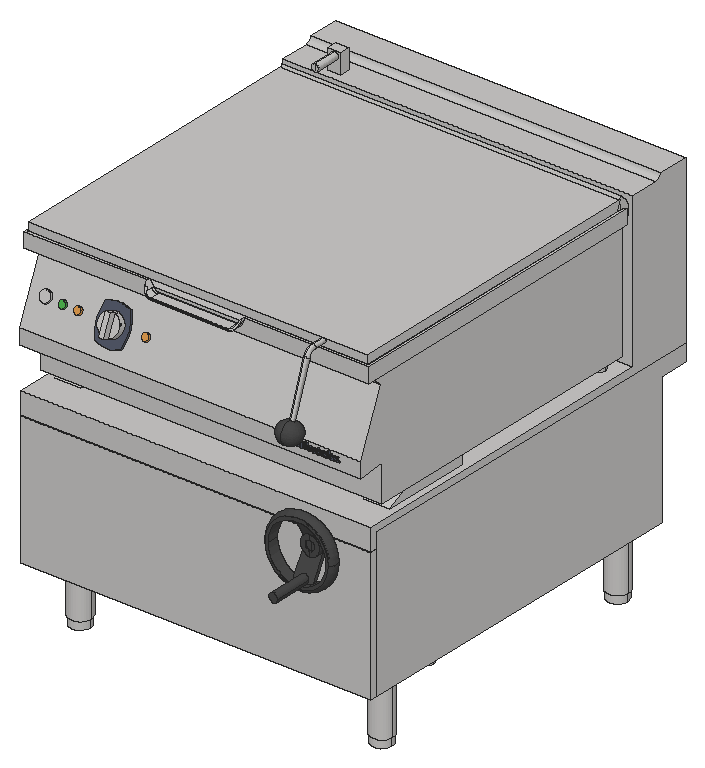
Revit family "QF_ELECTROLUXPROFESSIONAL_391136_E9BRGHDOF0", category Specialty Equipment, Revit 2018
Family settings
  Round Connector Dimension = Use Diameter
  Part Type = Normal
  Work Plane-Based = No
  Always vertical = Yes
  Cut with Voids When Loaded = No
  Shared = No
  Room Calculation Point = No
Parameters
  Width = 800 mm  # constant formula
  Weight in Pounds = 150  # constant formula
  Watts = 250 VA  # 250 W
  Volts = 230 V  # constant formula
  URL Cutsheet = "www.electrolux.com"
  URL = "www.electrolux.com"
  Type Mark [instance] = ""
  Status [instance] = ""
  Specification by User [instance] = ""
  Specification by Manufacturer = ""
  Show Logo [instance] = yes
  Show Clearance [instance] = yes
  Serial Number = ""
  Seismic Rating = ""
  SMACNA No = ""
  Revision Code [instance] = ""
  Plumbing Remarks [instance] = ""
  Plumbing Connection Type [instance] = ""
  Phase = 1
  Omniclass Number and Title = ""
  Number of Poles [instance] = 1
  NAFEM Spec ID Number = ""
  Model = "391136"
  Min Ckt Ampacity = 0 A
  Mechanical Remarks [instance] = ""
  Mechanical Connection Type [instance] = ""
  Max Overcurrent Protection = 0 A
  Masterspec = ""
  Manufacturer = "ELECTROLUX"
  Item Number [instance] = ""
  Installed By [instance] = ""
  Identify Quantity as Lot [instance] = yes
  Height = 850 mm  # constant formula
  HP = "0.1 HP"
  Gas Size = 12.7 mm  # 1/2"
  Gas RI Height [instance] = 0 mm
  Gas KW = 21  # constant formula
  Gas Input = 20980.7 VA  # 71589.0 Btu/h
  Gas Connection Height [instance] = 0 mm
  Furnished By [instance] = ""
  Foodservice Equipment Identifier [instance] = yes
  FL Amps = if(Phase = 3, Watts / (Volts * 1.73), Watts / Volts)  # 1.08696 A
  Electrical Remarks [instance] = "230 V/1N ph/50/60 Hz"  # constant formula
  Electric Connection Type [instance] = ""
  Elec Conn RI Height [instance] = 0 mm
  Elec Conn Connection Height [instance] = 0 mm
  Direct Waste Size = 0"
  Description = "900XP GAS BRATT PAN – 80 LITER WITH DUOMAT BOTTOM"
  Depth = 915 mm  # constant formula
  Cycle [instance] = if([60 Hertz Option], 60 Hz, 50 Hz)  # 60 Hz
  Conn Plug = ""
  Conn Conduit = yes
  Cold Water Temperature Recommended [instance] = -459.67 °F
  Cold Water Size = 3/4"
  Cold Water RI Height [instance] = 0 mm
  Cold Water Minimum Pressure = 0.00 psi
  Cold Water Maximum Pressure = 0.00 psi
  Cold Water Flow [instance] = 0 GPM
  Cold Water Consumption = ""
  Cold Water Connection Height = 0 mm
  CSI MasterFormat = ""
  CSI Master Format = ""
  Assembly Code = ""
  Apparent Power = if(Phase = 3, Volts * FL Amps * 1.73, Volts * FL Amps)  # 250 VA
  60 Hertz Option [instance] = not([50 Hertz Option])  # yes
  50 Hertz Option [instance] = no
Reference planes
  plane 1 "BACK": y = 0
  plane 2: z = 0
  plane 3 "LEFT": x = 0
  plane 4 "RIGHT": x = 800
  plane 5 "FRONT": y = -915
  plane 6 "TOP": z = 898
  plane 7 "Center Y": x = 400
  plane 8 "Center X": y = -457.5
  plane 9 "Base": z = 149
  plane 10: z = 502.193
  plane 11: z = 1653
  plane 12: y = -125
  plane 13: y = -799
  plane 14: y = -1034
  plane 15: x = 55
  plane 16: y = -160.853
  plane 17: x = 745
  plane 18: y = -1014
  plane 19: y = -899.182
  plane 20: x = 786
  plane 21: z = 850
  plane 22 "Connection": z = 182
  plane 23: y = -706
  plane 24: x = 265
  plane 25: x = 105
  plane 26: x = 195
Forms (mm)
  Revolve 1, solid, material "QF_Finishes_Stainless Steel"
    sketch origin (0, -125, 0) x (1, 0, 0) y (0, 0, 1)
      loop
        line (55, 0) -> (55, 149) -> (29.6, 149) -> (29.6, 19.05) -> (32.1, 19.05) -> (32.1, 0) -> (55, 0)
      axis (55, 0) -> (55, 149)
    angle from 0 to 360
  Revolve 2, solid, material "QF_Finishes_Stainless Steel"
    sketch origin (0, -799, 0) x (1, 0, 0) y (0, 0, 1)
      loop
        line (55, 0) -> (55, 149) -> (29.6, 149) -> (29.6, 19.05) -> (32.1, 19.05) -> (32.1, 0) -> (55, 0)
      axis (55, 0) -> (55, 149)
    angle from 0 to 360
  Extrusion 3, solid, material "QF_Finishes_Stainless Steel"
    sketch origin (0, -214.682, 0) x (0, 1, 0) y (0, 0, 1)
      loop
        line (214.682, 487.193) -> (214.682, 866.248) -> (143.055, 866.248)
        arc (143.055, 866.248) -> (139.432, 857.502) -> (130.686, 853.88) r 12.368
        line (130.686, 853.88) -> (64.682, 853.88) -> (64.682, 502.193) -> (-684.5, 502.193) -> (-684.5, 452.193) -> (-669.5, 452.193) -> (-669.5, 487.193) -> (214.682, 487.193)
      loop
        line (-669.5, 149) -> (-669.5, 451.193) -> (-684.5, 451.193) -> (-684.5, 149) -> (-669.5, 149)
    from 0 to 800
  Extrusion 4, solid, material "QF_Finishes_Stainless Steel"
    sketch origin (0, -214.682, 0) x (0, 1, 0) y (0, 0, 1)
      loop
        line (44.029, 528.406) -> (44.029, 817.127) -> (-678.5, 817.127) -> (-678.5, 809.681) -> (-643.264, 774.446) -> (-700.318, 641.094) -> (-700.318, 606.094) -> (-640.765, 613.406) -> (-640.765, 528.406) -> (44.029, 528.406)
    from 10 to 790
  Sweep 5, solid, material "QF_Finishes_Stainless Steel"
    path origin (0, -204.882, 145) x (-1, 0, 0) y (0, -1, 0)
      loop
        line (-290, 694.3) -> (-5, 694.3) -> (-5, -44.029) -> (-795, -44.029) -> (-795, 694.3) -> (-510, 694.3)
    profile origin (652.5, -899.182, 145) x (0, -1, 0) y (0, 0, 1)
      loop
        line (-5, 651.359) -> (0, 651.359) -> (0, 685.301) -> (-6, 685.301) -> (-6, 681.062) -> (-5, 681.062) -> (-5, 651.359)
  Extrusion 6, solid, material "QF_Finishes_Stainless Steel"
    sketch origin (0, -214.682, -5) x (0, 1, 0) y (0, 0, 1)
      loop
        line (33.715, 835.301) -> (42.572, 855) -> (-677.138, 855) -> (-677.138, 835.301) -> (33.715, 835.301)
      loop
        arc (64.305, 837.022) -> (57.071, 850.749) -> (45.92, 861.539) r 49.182
        line (45.92, 861.539) -> (39.069, 846.301) -> (45.904, 846.301) -> (45.904, 832.604) -> (64.305, 814.204) -> (64.305, 837.022)
    from 12.363 to 787.637
  Extrusion 7, solid, material "QF_Finishes_Stainless Steel"
    sketch origin (0, -214.682, 0) x (0, 1, 0) y (0, 0, 1)
      loop
        line (-403.818, 528.406) -> (-556.057, 528.406) -> (-609.801, 502.193) -> (-403.818, 502.193) -> (-403.818, 528.406)
    from 16.63 to 76.513
  Extrusion 8, solid, material "QF_Finishes_Stainless Steel"
    sketch origin (0, -207.182, 150) x (-1, 0, 0) y (0, -1, 0)
      loop
        circle (-46.571, -17.496) r 15
      loop
        circle (-753.429, -17.496) r 15
    from 352.193 to 383.406
  Extrusion 9, solid, material "QF_Finishes_Stainless Steel"
    sketch origin (0, -64.682, 0) x (0, 1, 0) y (0, 0, 1)
      loop
        line (-43.387, 853.88) -> (-43.387, 898) -> (-67.444, 898) -> (-67.444, 853.88) -> (-43.387, 853.88)
    from 87.469 to 116.843
  Revolve 10, solid, material "QF_Finishes_Stainless Steel"
    sketch origin (103.25, -64.682, 0) x (0, 1, 0) y (0, 0, 1)
      loop
        line (-67.444, 888.097) -> (-67.444, 896.222) -> (-123.629, 896.222) -> (-123.629, 888.097) -> (-67.444, 888.097)
      axis (-123.629, 888.097) -> (-67.444, 888.097)
    angle from 0 to 360
  Extrusion 11, solid, material "QF_Clearances", visible <- "Show Clearance", detail levels coarse
    sketch origin (0, -214.682, 0) x (1, 0, 0) y (0, 1, 0)
      loop
        line (800, 214.682) -> (800, -700.318) -> (850, -700.318) -> (850, 264.682) -> (-50, 264.682) -> (-50, -700.318) -> (0, -700.318) -> (0, 214.682) -> (800, 214.682)
    from 0 to 898
  Extrusion 12, solid, material "QF_Finishes_Stainless Steel"
    sketch origin (800, 0, 0) x (0, 1, 0) y (0, 0, 1)
      loop
        line (-884.182, 149) -> (-69, 149) -> (-69, 448) -> (0, 448) -> (0, 487.193) -> (-884.182, 487.193) -> (-884.182, 149)
    from 0 to -800
  Revolve 13, solid, material "QF_Finishes_Stainless Steel"
    sketch origin (1000, -125, 0) x (-1, 0, 0) y (0, 0, -1)
      loop
        line (255, 0) -> (232.1, 0) -> (232.1, -19.05) -> (229.6, -19.05) -> (229.6, -149) -> (255, -149) -> (255, 0)
      axis (255, 0) -> (255, -149)
    angle from 0 to 360
  Revolve 14, solid, material "QF_Finishes_Stainless Steel"
    sketch origin (1000, -799, 0) x (-1, 0, 0) y (0, 0, -1)
      loop
        line (255, 0) -> (232.1, 0) -> (232.1, -19.05) -> (229.6, -19.05) -> (229.6, -149) -> (255, -149) -> (255, 0)
      axis (255, 0) -> (255, -149)
    angle from 0 to 360
  Sweep 15, solid, material "QF_Finishes_Stainless Steel"
    path origin (8.84, -214.682, -10) x (0, 1, 0) y (0, 0, 1)
      loop
        line (-677.138, 852.831) -> (-705.492, 852.831)
        arc (-705.492, 852.831) -> (-716.963, 849.214) -> (-724.286, 839.672) r 20
        line (-724.286, 839.672) -> (-765.322, 726.924)
    profile origin (8.84, -905.997, 842.831) x (0, 0, -1) y (1, 0, 0)
      loop
        circle (0, 676.16) r 5
  Revolve 16, solid, material "QF_Finishes_Black"
    sketch origin (685, -194.682, 0) x (0, 1, 0) y (0, 0, 1)
      loop
        line (-785.322, 716.924) -> (-792.738, 719.623)
        arc (-792.738, 719.623) -> (-818.978, 701.075) -> (-800.713, 674.638) r 22.845
        line (-800.713, 674.638) -> (-785.322, 716.924)
      axis (-785.322, 716.924) -> (-800.713, 674.638)
    angle from 0 to 360
  Extrusion 17, solid, material "QF_Finishes_Stainless Steel"
    sketch origin (800, -69, 149) x (-1, 0, 0) y (0, 1, 0)
      loop
        circle (14, -649.182) r 12.7
    from 0 to 5
  Extrusion 18, solid, material "QF_Finishes_Stainless Steel"
    sketch origin (-3.75, -899.182, 149) x (0, 0, 1) y (-1, 0, 0)
      loop
        circle (289.443, -688.75) r 30
    from 0 to 5
  Extrusion 19, solid, material "QF_Finishes_Stainless Steel"
    sketch origin (800, -214.682, 0) x (0, 1, 0) y (0, 0, -1)
      loop
        line (-403.818, -528.406) -> (-403.818, -502.193) -> (-609.801, -502.193) -> (-556.057, -528.406) -> (-403.818, -528.406)
    from 16.63 to 76.513
  Extrusion 20, solid, material "QF_Finishes_Stainless Steel"
    sketch origin (0, 0, 182) x (-1, 0, 0) y (0, -1, 0)
      loop
        circle (-105, 706) r 6.35
    from 0 to 45
  Extrusion 21, solid, material "QF_Finishes_Stainless Steel"
    sketch origin (21.213, 21.213, 182) x (-1, 0, 0) y (0, -1, 0)
      loop
        circle (-173.787, 719.213) r 6.35
    from 0 to 45
  Extrusion 22, solid, material "QF_Finishes_Stainless Steel"
    sketch origin (130, 0, 182) x (-1, 0, 0) y (0, -1, 0)
      loop
        circle (-135, 706) r 6.35
    from 0 to 45
  Revolve 23, solid, material "QF_Finishes_Black"
    sketch origin (685, -200.682, -28.57) x (0, 1, 0) y (0, 0, 1)
      loop
        line (-698.5, 467.193) -> (-698.5, 477.193) -> (-713.5, 477.193) -> (-713.5, 482.193) -> (-718.5, 482.193) -> (-718.5, 489.514) -> (-728.5, 489.514) -> (-728.5, 478.353) -> (-727.138, 478.353) -> (-727.138, 467.193) -> (-698.5, 467.193)
      axis (-698.5, 467.193) -> (-728.5, 467.193)
    angle from 0 to 360
  Sweep 24, solid, material "QF_Finishes_Black"
    path origin (10, -200.682, -28.57) x (1, 0, 0) y (0, 0, 1)
      loop
        circle (675, 467.193) r 80
    profile origin (685, -200.682, 518.623) x (0, 0, -1) y (0, -1, 0)
      loop
        arc (7.394, 765.784) -> (0.586, 756.102) -> (1.641, 744.313) r 17.21
        line (1.641, 744.313) -> (7.394, 740.784) -> (14.116, 740.784) -> (14.116, 765.784) -> (7.394, 765.784)
  Extrusion 25, solid, material "QF_Finishes_Black"
    sketch origin (10, -200.682, -28.57) x (0, 1, 0) y (0, 0, 1)
      loop
        line (-713.5, 457.193) -> (-713.5, 477.193) -> (-744.313, 533.065) -> (-751.622, 533.065) -> (-719.104, 474.103) -> (-719.104, 460.284) -> (-751.622, 401.321) -> (-744.313, 401.321) -> (-713.5, 457.193)
    from 654.029 to 698.392
  Extrusion 26, solid, material "QF_Finishes_Black"
    sketch origin (10, -200.682, -28.57) x (1, 0, 0) y (0, 0, 1)
      loop
        circle (675, 406.31) r 10
    from 742.86 to 833.318
  Extrusion 27, solid, material "QF_Finishes_Stainless Steel"
    sketch origin (0, -201.682, -15.905) x (1, 0, 0) y (0, 0, 1)
      loop
        line (509.996, 839.805) -> (509.996, 846.205) -> (502.677, 833.527)
        arc (502.677, 833.527) -> (496.674, 827.524) -> (488.474, 825.327) r 16.4
        line (488.474, 825.327) -> (311.526, 825.327)
        arc (311.526, 825.327) -> (303.32, 827.526) -> (297.312, 833.534) r 16.413
        line (297.312, 833.534) -> (289.996, 846.205) -> (289.996, 839.805) -> (294.541, 831.934)
        arc (294.541, 831.934) -> (301.72, 824.755) -> (311.526, 822.127) r 19.613
        line (311.526, 822.127) -> (488.474, 822.127)
        arc (488.474, 822.127) -> (498.274, 824.753) -> (505.448, 831.927) r 19.6
        line (505.448, 831.927) -> (509.996, 839.805)
    from 697.5 to 717.595
  Extrusion 28, void
    sketch origin (900, 188.397, 1219.2) x (0, -1, 0) y (0, 0, 1)
      loop
        line (1110.167, -415.736) -> (1110.167, -387.945) -> (1093.05, -387.945) -> (1110.167, -415.736)
    from 390 to 610
  Extrusion 29, solid, material "QF_Finishes_Navy Blue"
    sketch origin (-55.546, -1052.067, 320.727) x (0, 0.393353, 0.919387) y (-1, 0, 0)
      loop
        arc (453.989, -230.321) -> (416.907, -221.34) -> (379.375, -228.202) r 91.844
        arc (379.375, -228.202) -> (372.249, -258.844) -> (379.375, -289.487) r 69.441
        arc (379.375, -289.487) -> (416.897, -296.198) -> (453.989, -287.419) r 93.759
        arc (453.989, -287.419) -> (460.218, -258.87) -> (453.989, -230.321) r 68.543
    from 0 to 3.175
  Extrusion 30, solid, material "QF_Finishes_Orange"
    sketch origin (9.372, -901.482, 672.689) x (0, 0.393353, 0.919387) y (-1, 0, 0)
      loop
        circle (34.513, -113.251) r 8
    from 0 to 3.175
  Extrusion 31, solid, material "QF_Finishes_Green"
    sketch origin (14.068, -901.51, 672.624) x (0, 0.393353, 0.919387) y (-1, 0, 0)
      loop
        circle (34.513, -73.251) r 8
    from 0 to 3.175
  Extrusion 32, solid, material "QF_Finishes_Stainless Steel"
    sketch origin (-159.296, -918.156, 641.79) x (0, 0.393353, 0.919387) y (-1, 0, 0)
      loop
        circle (68.826, -362.213) r 25.4
    from 0 to 12.7
  Extrusion 33, solid, material "QF_Finishes_Stainless Steel"
    sketch origin (-159.296, -929.832, 646.786) x (0, 0.393353, 0.919387) y (-1, 0, 0)
      loop
        arc (93.558, -367.999) -> (94.226, -362.213) -> (93.558, -356.427) r 25.4
        line (93.558, -356.427) -> (44.094, -356.427)
        arc (44.094, -356.427) -> (43.426, -362.213) -> (44.094, -367.999) r 25.4
        line (44.094, -367.999) -> (93.558, -367.999)
    from 0 to 12.7
  Extrusion 34, solid, material "QF_Finishes_Stainless Steel"
    sketch origin (10.937, -915, 641.094) x (0, 0.393353, 0.919387) y (-1, 0, 0)
      loop
        circle (71.473, -36.635) r 12.7
    from 0 to 3.2
  Extrusion 35, solid, material "QF_Finishes_Orange"
    sketch origin (164.372, -901.482, 672.689) x (0, 0.393353, 0.919387) y (-1, 0, 0)
      loop
        circle (34.513, -113.251) r 8
    from 0 to 3.175
  Extrusion 36, solid, material "QF_Clearances", visible <- "Show Clearance", detail levels coarse
    sketch origin (0, -996.643, 709.193) x (0, 0.238373, -0.971174) y (0, 0.971174, 0.238373)
      loop
        line (33.715, 835.301) -> (42.572, 855) -> (-677.138, 855) -> (-677.138, 835.301) -> (33.715, 835.301)
      loop
        arc (64.305, 837.022) -> (57.071, 850.749) -> (45.92, 861.539) r 49.182
        line (45.92, 861.539) -> (39.069, 846.301) -> (45.904, 846.301) -> (45.904, 832.604) -> (64.305, 814.204) -> (64.305, 837.022)
    from 12.363 to 787.637
  Sweep 37, solid, material "QF_Clearances", visible <- "Show Clearance", detail levels coarse
    path origin (8.84, -1001.499, 708.002) x (0, 0.238373, -0.971174) y (0, 0.971174, 0.238373)
      loop
        line (-677.138, 852.831) -> (-705.492, 852.831)
        arc (-705.492, 852.831) -> (-716.963, 849.214) -> (-724.286, 839.672) r 20
        line (-724.286, 839.672) -> (-765.322, 726.924)
    profile origin (8.84, -338.043, 1582.68) x (0, -0.971174, -0.238373) y (1, 0, 0)
      loop
        circle (0, 676.16) r 5
  Revolve 38, solid, material "QF_Clearances", visible <- "Show Clearance", detail levels coarse
    sketch origin (685, -987.02, 690.962) x (0, 0.238373, -0.971174) y (0, 0.971174, 0.238373)
      loop
        line (-785.322, 716.924) -> (-792.738, 719.623)
        arc (-792.738, 719.623) -> (-818.978, 701.075) -> (-800.713, 674.638) r 22.845
        line (-800.713, 674.638) -> (-785.322, 716.924)
      axis (-785.322, 716.924) -> (-800.713, 674.638)
    angle from 0 to 360
  Extrusion 39, solid, material "QF_Finishes_Navy Blue", visible <- "Show Logo"
    sketch origin (486.175, -915, 608.853) x (0, 0, 1) y (-1, 0, 0)
      loop
        line (27.359, -159.055) -> (14.993, -159.055)
        arc (14.993, -159.055) -> (21.176, -163.626) -> (27.359, -159.055) r 6.467
      loop
        arc (27.359, -158.426) -> (26.19, -153.283) -> (21.534, -150.805) r 6.338
        line (21.534, -150.805) -> (21.534, -152.851)
        arc (21.534, -152.851) -> (23.018, -156.506) -> (26.464, -158.426) r 5.941
        line (26.464, -158.426) -> (27.359, -158.426)
      loop
        arc (15.888, -158.426) -> (19.334, -156.506) -> (20.817, -152.851) r 5.941
        line (20.817, -152.851) -> (20.817, -150.805)
        arc (20.817, -150.805) -> (16.123, -153.279) -> (14.834, -158.426) r 6.504
        line (14.834, -158.426) -> (15.888, -158.426)
      loop
        line (28.034, -150.336) -> (14.29, -150.336) -> (14.29, -164.099) -> (28.034, -164.099) -> (28.034, -150.336)
      loop
        arc (28.118, -167.066) -> (27.77, -166.709) -> (27.403, -167.047) r 0.358
        arc (27.403, -167.047) -> (27.089, -167.797) -> (26.372, -168.182) r 1.216
        line (26.372, -168.182) -> (15.959, -168.182)
        arc (15.959, -168.182) -> (15.299, -167.904) -> (14.903, -167.308) r 1.238
        arc (14.903, -167.308) -> (14.509, -167.057) -> (14.203, -167.411) r 0.358
        line (14.203, -167.411) -> (14.203, -177.29) -> (16.954, -177.29) -> (16.954, -176.393)
        arc (16.954, -176.393) -> (16.045, -175.813) -> (15.589, -174.836) r 1.928
        line (15.589, -174.836) -> (15.589, -172.337)
        arc (15.589, -172.337) -> (15.865, -171.608) -> (16.553, -171.244) r 1.101
        line (16.553, -171.244) -> (20.64, -171.244) -> (20.64, -174.917)
        arc (20.64, -174.917) -> (20.287, -175.414) -> (19.722, -175.642) r 1.083
        arc (19.722, -175.642) -> (19.459, -175.948) -> (19.751, -176.226) r 0.292
        line (19.751, -176.226) -> (22.713, -176.226)
        arc (22.713, -176.226) -> (23.016, -175.953) -> (22.777, -175.623) r 0.305
        arc (22.777, -175.623) -> (22.286, -175.375) -> (21.981, -174.917) r 1.083
        line (21.981, -174.917) -> (21.981, -171.244) -> (26.659, -171.244) -> (26.659, -174.991)
        arc (26.659, -174.991) -> (26.444, -175.747) -> (25.838, -176.245) r 1.314
        arc (25.838, -176.245) -> (25.619, -176.649) -> (25.973, -176.941) r 0.361
        line (25.973, -176.941) -> (28.118, -176.941) -> (28.118, -167.066)
      loop
        arc (27.4, -177.722) -> (27.02, -178.641) -> (26.101, -179.021) r 1.299
        line (26.101, -179.021) -> (16.522, -179.021)
        arc (16.522, -179.021) -> (15.684, -178.643) -> (15.413, -177.765) r 1.118
        line (15.413, -177.765) -> (14.203, -177.765) -> (14.203, -183.115) -> (15.391, -183.115)
        arc (15.391, -183.115) -> (15.663, -182.198) -> (16.533, -181.802) r 1.153
        line (16.533, -181.802) -> (28.605, -181.802) -> (27.4, -177.722)
      loop
        line (19.168, -185.751) -> (19.168, -192.198) -> (19.967, -192.198)
        arc (19.967, -192.198) -> (22.547, -191.214) -> (23.816, -188.76) r 3.874
        line (23.816, -188.76) -> (23.816, -187)
        arc (23.816, -187) -> (22.629, -184.135) -> (19.765, -182.949) r 4.051
        line (19.765, -182.949) -> (17.757, -182.949)
        arc (17.757, -182.949) -> (14.938, -184.434) -> (13.887, -187.441) r 4.352
        arc (13.887, -187.441) -> (14.251, -189.904) -> (15.629, -191.978) r 5.713
        line (15.629, -191.978) -> (16.578, -191.978)
        arc (16.578, -191.978) -> (15.845, -190.409) -> (15.629, -188.691) r 5.579
        arc (15.629, -188.691) -> (16.422, -186.728) -> (18.301, -185.751) r 3.057
        line (18.301, -185.751) -> (19.168, -185.751)
      loop
        line (20.427, -185.751) -> (20.427, -189.333)
        arc (20.427, -189.333) -> (21.884, -189.38) -> (22.767, -188.221) r 1.59
        line (22.767, -188.221) -> (22.767, -187.391)
        arc (22.767, -187.391) -> (21.902, -186.136) -> (20.427, -185.751) r 2.184
      loop
        arc (23.218, -201.616) -> (23.707, -199.942) -> (23.864, -198.205) r 9.023
        line (23.864, -198.205) -> (23.864, -196.843)
        arc (23.864, -196.843) -> (22.705, -194.043) -> (19.905, -192.883) r 3.959
        line (19.905, -192.883) -> (17.305, -192.883)
        arc (17.305, -192.883) -> (15.023, -194.176) -> (13.906, -196.549) r 4.331
        line (13.906, -196.549) -> (13.906, -198.684)
        arc (13.906, -198.684) -> (14.414, -200.234) -> (15.336, -201.58) r 5.772
        arc (15.336, -201.58) -> (16.098, -201.631) -> (16.184, -200.872) r 0.553
        arc (16.184, -200.872) -> (15.796, -200.138) -> (15.662, -199.319) r 2.573
        line (15.662, -199.319) -> (15.662, -197.804)
        arc (15.662, -197.804) -> (16.668, -196.162) -> (18.483, -195.52) r 2.884
        line (18.483, -195.52) -> (19.762, -195.52)
        arc (19.762, -195.52) -> (21.583, -196.08) -> (22.509, -197.745) r 2.554
        line (22.509, -197.745) -> (22.509, -198.798)
        arc (22.509, -198.798) -> (22.178, -199.726) -> (21.521, -200.461) r 2.564
        arc (21.521, -200.461) -> (21.299, -201.178) -> (21.909, -201.616) r 0.643
        line (21.909, -201.616) -> (23.218, -201.616)
      loop
        line (22.2, -201.886) -> (22.2, -203.387) -> (16.152, -203.387)
        arc (16.152, -203.387) -> (14.564, -204.045) -> (13.906, -205.633) r 2.246
        line (13.906, -205.633) -> (13.906, -207.217)
        arc (13.906, -207.217) -> (14.22, -208.081) -> (14.72, -208.853) r 4.06
        arc (14.72, -208.853) -> (15.453, -208.986) -> (15.704, -208.285) r 0.576
        arc (15.704, -208.285) -> (15.598, -207.759) -> (15.662, -207.227) r 1.69
        arc (15.662, -207.227) -> (16.204, -206.439) -> (17.11, -206.136) r 1.506
        line (17.11, -206.136) -> (22.248, -206.136) -> (22.248, -208.533) -> (22.805, -209.089) -> (23.626, -209.089) -> (23.626, -206.23) -> (26.857, -206.23) -> (22.2, -201.886)
      loop
        line (14.124, -209.987) -> (14.124, -215.374) -> (15.234, -215.374)
        arc (15.234, -215.374) -> (15.627, -214.423) -> (16.578, -214.029) r 1.345
        line (16.578, -214.029) -> (20.195, -214.029)
        arc (20.195, -214.029) -> (20.959, -214.621) -> (21.249, -215.543) r 1.615
        line (21.249, -215.543) -> (21.249, -217.099) -> (23.805, -217.784) -> (23.805, -216.401) -> (21.862, -213.842) -> (23.742, -213.842) -> (23.458, -211.136)
        arc (23.458, -211.136) -> (23.018, -210.606) -> (22.359, -210.807) r 0.621
        arc (22.359, -210.807) -> (21.959, -211.149) -> (21.465, -211.332) r 1.501
        line (21.465, -211.332) -> (16.578, -211.332)
        arc (16.578, -211.332) -> (15.627, -210.938) -> (15.234, -209.987) r 1.345
        line (15.234, -209.987) -> (14.124, -209.987)
      loop
        line (20.225, -217.321) -> (17.533, -217.321)
        arc (17.533, -217.321) -> (15.088, -218.629) -> (13.954, -221.159) r 4.288
        arc (13.954, -221.159) -> (13.89, -222.54) -> (13.954, -223.92) r 15.022
        arc (13.954, -223.92) -> (15.088, -226.451) -> (17.533, -227.758) r 4.288
        line (17.533, -227.758) -> (20.225, -227.758)
        arc (20.225, -227.758) -> (22.671, -226.451) -> (23.805, -223.92) r 4.288
        arc (23.805, -223.92) -> (23.868, -222.54) -> (23.805, -221.159) r 15.022
        arc (23.805, -221.159) -> (22.671, -218.629) -> (20.225, -217.321) r 4.288
      loop
        line (20.43, -220.435) -> (17.328, -220.435)
        arc (17.328, -220.435) -> (15.171, -222.592) -> (17.328, -224.749) r 2.157
        line (17.328, -224.749) -> (20.43, -224.749)
        arc (20.43, -224.749) -> (22.587, -222.592) -> (20.43, -220.435) r 2.157
      loop
        arc (27.411, -227.616) -> (27.041, -228.51) -> (26.147, -228.881) r 1.264
        line (26.147, -228.881) -> (16.282, -228.881)
        arc (16.282, -228.881) -> (15.412, -228.484) -> (15.141, -227.568) r 1.153
        line (15.141, -227.568) -> (14.203, -227.568) -> (14.203, -232.676) -> (15.131, -232.676)
        arc (15.131, -232.676) -> (15.49, -231.904) -> (16.282, -231.589) r 1.153
        line (16.282, -231.589) -> (28.605, -231.589) -> (27.411, -227.616)
      loop
        arc (22.531, -232.213) -> (22.332, -233.278) -> (21.363, -233.76) r 1.215
        line (21.363, -233.76) -> (16.343, -233.76)
        arc (16.343, -233.76) -> (14.728, -234.407) -> (14.008, -235.99) r 2.338
        line (14.008, -235.99) -> (14.008, -237.505)
        arc (14.008, -237.505) -> (14.182, -238.509) -> (14.684, -239.395) r 2.979
        line (14.684, -239.395) -> (14.203, -241.192) -> (14.203, -242.88) -> (23.629, -242.88) -> (23.335, -238.677) -> (22.548, -238.677)
        arc (22.548, -238.677) -> (22.192, -239.513) -> (21.44, -240.022) r 1.605
        line (21.44, -240.022) -> (16.337, -240.022)
        arc (16.337, -240.022) -> (15.917, -239.085) -> (15.844, -238.061) r 2.94
        arc (15.844, -238.061) -> (16.405, -236.96) -> (17.558, -236.517) r 1.724
        line (17.558, -236.517) -> (23.755, -236.517) -> (22.531, -232.213)
      loop
        line (23.559, -243.734) -> (21.887, -245.78) -> (18.713, -248.086) -> (15.257, -244.974)
        arc (15.257, -244.974) -> (15.02, -244.58) -> (15.042, -244.121) r 0.789
        line (15.042, -244.121) -> (14.203, -244.121) -> (14.203, -247.666) -> (15.029, -247.666)
        arc (15.029, -247.666) -> (15.372, -247.304) -> (15.862, -247.396) r 0.52
        line (15.862, -247.396) -> (17.661, -248.867) -> (15.543, -250.242)
        arc (15.543, -250.242) -> (15.142, -249.932) -> (15.055, -249.433) r 0.7
        line (15.055, -249.433) -> (14.203, -249.433) -> (14.203, -255.36) -> (15.09, -255.36)
        arc (15.09, -255.36) -> (15.157, -254.701) -> (15.552, -254.17) r 1.247
        line (15.552, -254.17) -> (19.751, -250.889) -> (22.198, -252.942) -> (23.559, -254.684) -> (23.559, -250.96) -> (22.074, -251.383) -> (20.553, -250.106) -> (22.253, -248.916) -> (23.559, -249.692) -> (23.559, -243.734)
    from 0 to 1.644
  Extrusion 40, solid, material "QF_Finishes_Stainless Steel"
    sketch origin (290, -899.182, 830.301) x (-1, 0, 0) y (0, 0, -1)
      loop
        line (0.004, 33.941) -> (-220, 33.941) -> (-220, -0.006) -> (-212.677, 12.678)
        arc (-212.677, 12.678) -> (-206.674, 18.681) -> (-198.474, 20.878) r 16.4
        line (-198.474, 20.878) -> (-21.526, 20.878)
        arc (-21.526, 20.878) -> (-13.32, 18.679) -> (-7.312, 12.672) r 16.413
        line (-7.312, 12.672) -> (0.004, 0) -> (0.004, 33.941)
    from 0 to -6
Cuts and joins
  Extrusion 28 cuts Extrusion 27
  joined: Sweep 5, Extrusion 27, Extrusion 40
Lines and regions (mm)
  symbolic lines
    curve 1: line (10, -915, 149) -> (197.131, -915, 149)
    curve 2: line (0, -899.182, 149) -> (280.622, -899.182, 149)
    curve 3: line (5, -160.853, 149) -> (5, -899.182, 149)
    curve 4: line (0, 0, 149) -> (0, -899.182, 149)
    curve 5: line (800, -899.182, 149) -> (800, 0, 149)
    curve 6: line (5, -160.853, 149) -> (95.125, -160.853, 149)
    curve 7: line (789, -171.653, 149) -> (111.375, -171.653, 149)
    curve 8: line (0, -71.628, 149) -> (800, -71.628, 149)
    curve 9: line (111.375, -160.853, 149) -> (795, -160.853, 149)
    curve 10: line (95.125, -172.111, 149) -> (12.363, -172.111, 149)
    curve 11: line (90.942, -172.111, 149) -> (90.942, -192.672, 149)
    curve 12: line (117.192, -171.653, 149) -> (117.192, -192.672, 149)
    curve 13: arc (90.942, -192.672, 149) -> (104.067, -205.797, 149) -> (117.192, -192.672, 149) r 13.125
    curve 14: line (504.543, -915, 149) -> (680, -915, 149)
    curve 15: line (12.363, -891.82, 149) -> (787.637, -891.82, 149)
    curve 16: line (0, 0, 149) -> (800, 0, 149)
    curve 20: line (680, -980.005, 149) -> (680, -891.82, 149)
    curve 21: line (690, -980.005, 149) -> (690, -891.82, 149)
    curve 22: spline (685, -987.42, 149) -> (686.603, -987.265, 149) -> (688.14, -986.808, 149) -> (689.545, -986.066, 149) -> (690.761, -985.072, 149) -> (691.737, -983.866, 149) -> (692.431, -982.499, 149) -> (692.815, -981.028, 149) -> (692.874, -979.515, 149) -> (692.604, -978.022, 149) -> (692.016, -976.611, 149) -> (691.136, -975.342, 149) -> (690, -974.268, 149)
    curve 23: spline (690, -980.005, 149) -> (689.957, -980.618, 149) -> (689.83, -981.221, 149) -> (689.619, -981.803, 149) -> (689.33, -982.354, 149) -> (688.967, -982.865, 149) -> (688.536, -983.327, 149) -> (688.044, -983.732, 149) -> (687.5, -984.074, 149) -> (686.913, -984.345, 149) -> (686.294, -984.543, 149) -> (685.653, -984.663, 149) -> (685, -984.703, 149)
    curve 24: spline (685, -984.703, 149) -> (684.347, -984.663, 149) -> (683.706, -984.543, 149) -> (683.087, -984.345, 149) -> (682.5, -984.074, 149) -> (681.956, -983.732, 149) -> (681.464, -983.327, 149) -> (681.033, -982.865, 149) -> (680.67, -982.354, 149) -> (680.381, -981.803, 149) -> (680.17, -981.221, 149) -> (680.043, -980.618, 149) -> (680, -980.005, 149)
    curve 25: spline (680, -974.268, 149) -> (678.864, -975.342, 149) -> (677.984, -976.611, 149) -> (677.396, -978.022, 149) -> (677.126, -979.515, 149) -> (677.185, -981.028, 149) -> (677.569, -982.499, 149) -> (678.263, -983.866, 149) -> (679.239, -985.072, 149) -> (680.455, -986.066, 149) -> (681.86, -986.808, 149) -> (683.397, -987.265, 149) -> (685, -987.42, 149)
    curve 26: line (95.125, -188.311, 149) -> (111.375, -188.311, 149)
    curve 27: line (95.125, -132.127, 149) -> (95.125, -188.311, 149)
    curve 28: line (111.375, -188.311, 149) -> (111.375, -132.127, 149)
    curve 29: line (87.469, -132.127, 149) -> (116.843, -132.127, 149)
    curve 30: line (87.469, -108.069, 149) -> (87.469, -132.127, 149)
    curve 31: line (116.843, -108.069, 149) -> (87.469, -108.069, 149)
    curve 32: line (116.843, -132.127, 149) -> (116.843, -108.069, 149)
    curve 33: arc (680, -961.314, 149) -> (685, -1014, 149) -> (690, -961.314, 149) r 26.58
    curve 34: line (695, -1034, 182) -> (695, -1012.047, 182)
    curve 35: line (675, -1034, 182) -> (675, -1012.047, 182)
    curve 36: line (675, -1034, 182) -> (695, -1034, 182)
    curve 37: line (757.606, -966.466, 182) -> (701.354, -966.466, 182)
    curve 38: line (612.394, -941.466, 182) -> (680, -941.466, 182)
    curve 39: line (606.641, -944.996, 182) -> (680, -944.996, 182)
    curve 40: arc (763.359, -944.996, 182) -> (764.431, -956.789, 182) -> (757.606, -966.466, 182) r 17.151
    curve 41: line (757.606, -941.466, 182) -> (763.359, -944.996, 182)
    curve 42: line (708.392, -915, 182) -> (708.392, -941.466, 182)
    curve 43: line (664.029, -941.466, 182) -> (664.029, -915, 182)
    curve 44: arc (606.641, -944.996, 182) -> (605.569, -956.789, 182) -> (612.394, -966.466, 182) r 17.151
    curve 45: line (612.394, -941.466, 182) -> (606.641, -944.996, 182)
    curve 46: line (690, -944.996, 182) -> (763.359, -944.996, 182)
    curve 47: line (690, -941.466, 182) -> (757.606, -941.466, 182)
    curve 48: line (612.394, -966.466, 182) -> (668.646, -966.466, 182)
    curve 49: line (0, -150, 182) -> (95.125, -150, 182)
    curve 50: line (800, -150, 182) -> (111.375, -150, 182)
    curve 51: line (12.363, -891.82, 149) -> (12.363, -172.111, 149)
    curve 52: line (787.637, -891.82, 149) -> (787.637, -171.653, 149)
    curve 53: line (790, -915, 182) -> (790, -899.182, 182)
    curve 54: line (10, -899.182, 182) -> (10, -915, 182)
    curve 55: line (795, -160.853, 149) -> (795, -899.182, 149)
    curve 56: line (197.131, -924.708, 149) -> (197.131, -899.182, 149)
    curve 57: line (208.703, -924.708, 149) -> (208.703, -899.182, 149)
    curve 58: line (197.131, -924.708, 149) -> (208.703, -924.708, 149)
    curve 59: line (197.131, -915.021, 149) -> (180.061, -915.021, 149)
    curve 60: line (208.703, -915.021, 149) -> (225.774, -915.021, 149)
    curve 61: spline (208.703, -912.487, 182) -> (212.151, -912.066, 182) -> (215.413, -911.457, 182) -> (218.422, -910.673, 182) -> (221.118, -909.728, 182) -> (223.446, -908.643, 182) -> (225.359, -907.438, 182) -> (226.819, -906.14, 182) -> (227.796, -904.772, 182) -> (228.27, -903.365, 182) -> (228.233, -901.945, 182) -> (227.683, -900.541, 182) -> (226.634, -899.182, 182)
    curve 62: spline (225.812, -907.085, 182) -> (226.505, -906.99, 182) -> (227.196, -906.892, 182) -> (227.884, -906.792, 182) -> (228.569, -906.688, 182) -> (229.251, -906.581, 182) -> (229.93, -906.472, 182) -> (230.606, -906.36, 182) -> (231.28, -906.245, 182) -> (231.95, -906.127, 182) -> (232.617, -906.007, 182) -> (233.28, -905.884, 182) -> (233.941, -905.758, 182)
    curve 63: spline (233.941, -905.758, 182) -> (234.472, -905.225, 182) -> (234.983, -904.689, 182) -> (235.472, -904.15, 182) -> (235.94, -903.608, 182) -> (236.386, -903.063, 182) -> (236.811, -902.515, 182) -> (237.215, -901.965, 182) -> (237.596, -901.413, 182) -> (237.956, -900.858, 182) -> (238.294, -900.302, 182) -> (238.609, -899.743, 182) -> (238.903, -899.182, 182)
    curve 64: spline (197.131, -912.487, 182) -> (193.683, -912.066, 182) -> (190.421, -911.457, 182) -> (187.412, -910.673, 182) -> (184.717, -909.728, 182) -> (182.389, -908.643, 182) -> (180.475, -907.438, 182) -> (179.015, -906.14, 182) -> (178.038, -904.772, 182) -> (177.564, -903.365, 182) -> (177.602, -901.945, 182) -> (178.151, -900.541, 182) -> (179.201, -899.182, 182)
    curve 65: spline (167.58, -899.182, 182) -> (167.88, -899.743, 182) -> (168.203, -900.303, 182) -> (168.549, -900.86, 182) -> (168.917, -901.415, 182) -> (169.307, -901.967, 182) -> (169.72, -902.517, 182) -> (170.154, -903.065, 182) -> (170.611, -903.61, 182) -> (171.09, -904.151, 182) -> (171.59, -904.69, 182) -> (172.112, -905.225, 182) -> (172.656, -905.758, 182)
    curve 66: spline (172.656, -905.758, 182) -> (173.244, -905.87, 182) -> (173.834, -905.98, 182) -> (174.427, -906.088, 182) -> (175.022, -906.194, 182) -> (175.62, -906.297, 182) -> (176.22, -906.398, 182) -> (176.823, -906.498, 182) -> (177.428, -906.594, 182) -> (178.036, -906.689, 182) -> (178.645, -906.781, 182) -> (179.257, -906.871, 182) -> (179.871, -906.959, 182)
    curve 67: line (208.703, -915, 149) -> (295.414, -915, 149)
    curve 68: line (519.371, -899.182, 182) -> (505.448, -914.035, 182)
    curve 69: spline (505.442, -914.033, 182) -> (504.902, -914.595, 182) -> (504.301, -915.14, 182) -> (503.641, -915.666, 182) -> (502.924, -916.17, 182) -> (502.153, -916.653, 182) -> (501.331, -917.111, 182) -> (500.459, -917.544, 182) -> (499.542, -917.95, 182) -> (498.582, -918.327, 182) -> (497.581, -918.675, 182) -> (496.544, -918.992, 182) -> (495.475, -919.277, 182)
    curve 70: line (304.523, -919.277, 182) -> (495.475, -919.277, 182)
    curve 71: line (294.541, -914.031, 182) -> (280.622, -899.182, 182)
    curve 72: spline (304.523, -919.277, 182) -> (303.452, -918.992, 182) -> (302.414, -918.675, 182) -> (301.413, -918.327, 182) -> (300.452, -917.949, 182) -> (299.534, -917.543, 182) -> (298.662, -917.11, 182) -> (297.838, -916.651, 182) -> (297.067, -916.168, 182) -> (296.35, -915.663, 182) -> (295.689, -915.137, 182) -> (295.087, -914.592, 182) -> (294.547, -914.029, 182)
    curve 73: line (519.371, -899.182, 149) -> (680, -899.182, 149)
    curve 74: line (690, -899.182, 149) -> (800, -899.182, 149)
    curve 75: line (690, -915, 149) -> (790, -915, 149)
  symbolic lines, style "QF_Clearances", visible <- "Show Clearance", detail levels coarse
    curve 17: line (-50, 50, 150) -> (-50, -918.182, 150)
    curve 18: line (850, 50, 150) -> (850, -915, 150)
    curve 19: line (850, 50, 150) -> (-50, 50, 150)
Dimensions and locks
  equal spacing: plane 3 "LEFT", plane 7 "Center Y", plane 4 "RIGHT"
  "Width": plane 3 "LEFT" to plane 4 "RIGHT"
  equal spacing: plane 5 "FRONT", plane 8 "Center X", plane 1 "BACK"
  "Depth": plane 5 "FRONT" to plane 1 "BACK"
  plane 9 "Base" to level = 149 mm
  plane 11 to level = 1653 mm
  plane 11 to plane 2 = 1653 mm
  plane 9 "Base" to plane 2 = 149 mm
  plane 13 to plane 12 = 674 mm
  plane 5 "FRONT" to plane 1 "BACK" = 915 mm
  plane 1 "BACK" to plane 14 = 1034 mm  (x2)
  plane 6 "TOP" to plane 2 = 898 mm
  plane 14 to plane 1 "BACK" = 1034 mm
  plane 4 "RIGHT" to plane 17 to plane 15 to plane 3 "LEFT" = 55 mm, 690 mm, 55 mm
  plane 1 "BACK" to plane 18 = 1014 mm
  Extrusion 12 to plane 1 "BACK" = 69 mm
  Extrusion 6 to plane 9 "Base" = 701 mm
  plane 2 to Extrusion 12 = 448 mm
  Extrusion 3 to plane 13 = 100.182 mm
  plane 12 to Extrusion 12 = 56 mm
  plane 4 "RIGHT" to plane 20 = 14 mm
  plane 21 to plane 9 "Base" to level = 701 mm, 149 mm
  plane 1 "BACK" to Extrusion 12 = 69 mm
  Extrusion 12 to plane 12 = 56 mm
  plane 12 to plane 13 = 674 mm
  plane 13 to Extrusion 3 = 100.182 mm
  Extrusion 12 to level = 448 mm
  plane 6 "TOP" to level = 898 mm
  plane 22 "Connection" to level = 182 mm
  plane 1 "BACK" to plane 23 = 706 mm
  plane 3 "LEFT" to Extrusion 20 sketch curve = 105 mm
  Extrusion 21 sketch curve to plane 1 "BACK" = 698 mm
  plane 3 "LEFT" to Extrusion 21 sketch curve = 195 mm
  Extrusion 21 to plane 1 "BACK" = 698 mm
  plane 3 "LEFT" to Extrusion 22 sketch curve = 265 mm
  plane 3 "LEFT" to plane 25 = 105 mm
  plane 3 "LEFT" to plane 26 = 195 mm
  plane 3 "LEFT" to plane 24 = 265 mm
  Extrusion 3 to Extrusion 17 = 181 mm
  Extrusion 17 to Extrusion 3 = 181 mm
  "Height": plane 21 to level
  aligned and locked: level to plane 2
  aligned and locked: Extrusion 12 to plane 3 "LEFT"
Automatic sketch dimensions
  plane 1 "BACK" to curve 16 = 0 mm
  curve 16 to plane 4 "RIGHT" = 0 mm
  plane 5 "FRONT" to curve 75 = 0 mm
  plane 5 "FRONT" to curve 14 = 0 mm
  plane 5 "FRONT" to curve 67 = 0 mm
  plane 5 "FRONT" to curve 1 = 0 mm
  curve 8 to plane 3 "LEFT" = 0 mm
  curve 55 to plane 4 "RIGHT" = 5 mm
  plane 20 to curve 75 = 4 mm
  plane 20 to curve 7 = 3 mm
  plane 20 to curve 15 = 1.637 mm
  plane 17 to curve 25 = 52.109 mm
  curve 22 to curve 25 = 0 mm
  curve 74 to plane 5 "FRONT" = 15.818 mm
  plane 17 to curve 74 = 55 mm
  curve 24 to curve 21 = 0 mm
  curve 21 to curve 23 = 5 mm
  curve 22 to curve 24 = 0 mm
  curve 33 to curve 22 = 0 mm  (x2)
  curve 73 to plane 5 "FRONT" = 15.818 mm
  plane 7 "Center Y" to curve 73 = 119.371 mm
  curve 73 to curve 14 = 14.828 mm
  curve 67 to plane 24 = 30.414 mm
  curve 2 to plane 24 = 15.622 mm
  plane 5 "FRONT" to curve 60 = 0.021 mm
  curve 60 to plane 26 = 30.774 mm
  curve 67 to plane 26 = 13.703 mm
  curve 1 to plane 26 = 2.131 mm
  plane 5 "FRONT" to curve 59 = 0.021 mm
  plane 26 to curve 59 = 14.939 mm
  curve 12 to plane 25 = 12.192 mm
  curve 32 to plane 25 = 11.843 mm
  curve 26 to plane 25 = 6.375 mm
  plane 25 to curve 13 = 0.933 mm
  plane 25 to curve 6 = 9.875 mm
  curve 27 to curve 30 = 7.657 mm
  plane 3 "LEFT" to curve 15 = 12.363 mm
  plane 3 "LEFT" to curve 1 = 10 mm
  plane 3 "LEFT" to curve 6 = 5 mm
  plane 12 to curve 8 = 53.372 mm
  plane 12 to curve 31 = 16.931 mm
  curve 29 to plane 12 = 7.127 mm
  curve 9 to plane 12 = 35.853 mm
  curve 6 to curve 9 = 0 mm
  curve 9 to curve 7 = 10.8 mm
  curve 3 to curve 51 = 11.257 mm
  curve 10 to curve 27 = 16.201 mm
  curve 26 to curve 13 = 4.36 mm
  curve 15 to curve 55 = 7.363 mm
  curve 56 to curve 1 = 15.818 mm
  curve 60 to curve 57 = 9.687 mm
  plane 5 "FRONT" to curve 33 = 46.314 mm
  curve 33 to curve 22 = 12.954 mm
  curve 25 to curve 22 = 0 mm
  curve 22 to curve 23 = 5.737 mm
  curve 24 to curve 23 = 0 mm
  curve 25 to curve 23 = 0 mm
  curve 23 to curve 22 = 2.717 mm
  plane 5 "FRONT" to curve 18 = 0 mm
  plane 4 "RIGHT" to curve 18 = 50 mm
  plane 5 "FRONT" to curve 17 = 3.182 mm
  curve 17 to plane 3 "LEFT" = 50 mm
  curve 17 to plane 1 "BACK" = 50 mm
  Revolve 1 sketch curve to plane 9 "Base" = 0 mm  (x2)
  Revolve 1 sketch curve to level = 0 mm
  Revolve 1 sketch curve to plane 15 = 0 mm  (x2)
  Revolve 1 sketch curve to Revolve 1 sketch curve = 22.9 mm
  Revolve 1 sketch curve to Revolve 1 sketch curve = 2.5 mm
  level to Revolve 1 sketch curve = 19.05 mm
  Revolve 1 sketch curve to plane 22 "Connection" = 13 mm
  Revolve 2 sketch curve to plane 9 "Base" = 0 mm  (x2)
  Revolve 2 sketch curve to level = 0 mm
  Revolve 2 sketch curve to plane 15 = 0 mm  (x2)
  Revolve 2 sketch curve to Revolve 2 sketch curve = 22.9 mm
  Revolve 2 sketch curve to Revolve 2 sketch curve = 2.5 mm
  level to Revolve 2 sketch curve = 19.05 mm
  Revolve 2 sketch curve to plane 22 "Connection" = 13 mm
  Extrusion 3 sketch curve to plane 10 = 0 mm
  Extrusion 3 sketch curve to plane 9 "Base" = 0 mm
  Extrusion 3 sketch curve to plane 1 "BACK" = 0 mm
  plane 21 to Extrusion 3 sketch curve = 16.248 mm
  plane 12 to Extrusion 3 sketch curve = 53.372 mm
  Extrusion 3 sketch curve to Extrusion 3 sketch curve = 12.368 mm
  Extrusion 3 sketch curve to plane 12 = 25 mm
  Extrusion 3 sketch curve to plane 5 "FRONT" = 30.818 mm  (x2)
  Extrusion 3 sketch curve to plane 10 = 15 mm
  Extrusion 3 sketch curve to Extrusion 3 sketch curve = 15 mm
  Extrusion 3 sketch curve to plane 5 "FRONT" = 15.818 mm
  Extrusion 3 sketch curve to Extrusion 3 sketch curve = 36 mm
  Extrusion 3 sketch curve to Extrusion 3 sketch curve = 1 mm
  Extrusion 4 sketch curve to plane 5 "FRONT" = 0 mm
  Extrusion 4 sketch curve to plane 5 "FRONT" = 21.818 mm
  Extrusion 4 sketch curve to Extrusion 4 sketch curve = 35.236 mm
  plane 10 to Extrusion 4 sketch curve = 26.213 mm
  Extrusion 4 sketch curve to plane 13 = 56.447 mm
  Extrusion 4 sketch curve to plane 12 = 45.653 mm
  Extrusion 4 sketch curve to Extrusion 4 sketch curve = 77.688 mm
  Extrusion 4 sketch curve to Extrusion 4 sketch curve = 7.312 mm
  Extrusion 4 sketch curve to Extrusion 4 sketch curve = 35 mm
  Extrusion 4 sketch curve to plane 21 = 75.554 mm
  Extrusion 4 sketch curve to plane 21 = 40.319 mm
  Extrusion 4 sketch curve to plane 21 = 32.873 mm
  plane 16 to Sweep 5 sketch curve = 0 mm
  Sweep 5 sketch curve to plane 4 "RIGHT" = 5 mm
  Sweep 5 sketch curve to plane 5 "FRONT" = 15.818 mm  (x2)
  plane 7 "Center Y" to Sweep 5 sketch curve = 110 mm
  Sweep 5 sketch curve to plane 24 = 25 mm
  plane 3 "LEFT" to Sweep 5 sketch curve = 5 mm
  Sweep 5 sketch curve to profile plane = 0 mm
  profile plane to Sweep 5 sketch curve = 5 mm
  Sweep 5 sketch curve to Sweep 5 sketch curve = 1 mm
  profile plane to Sweep 5 sketch curve = 651.359 mm
  Sweep 5 sketch curve to Sweep 5 sketch curve = 29.703 mm
  Sweep 5 sketch curve to Sweep 5 sketch curve = 4.238 mm
  Extrusion 6 sketch curve to plane 21 = 0 mm
  Extrusion 6 sketch curve to plane 5 "FRONT" = 23.18 mm
  Extrusion 6 sketch curve to plane 21 = 33.757 mm
  Extrusion 6 sketch curve to plane 12 = 71.96 mm
  Extrusion 6 sketch curve to plane 21 = 19.699 mm
  Extrusion 6 sketch curve to Extrusion 6 sketch curve = 15.993 mm
  Extrusion 6 sketch curve to plane 21 = 8.699 mm
  Extrusion 6 sketch curve to Extrusion 6 sketch curve = 5.354 mm
  Extrusion 6 sketch curve to Extrusion 6 sketch curve = 3.503 mm
  Extrusion 6 sketch curve to Extrusion 6 sketch curve = 12.189 mm
  Extrusion 6 sketch curve to Extrusion 6 sketch curve = 3.348 mm
  Extrusion 6 sketch curve to Extrusion 6 sketch curve = 18.4 mm
  Extrusion 6 sketch curve to Extrusion 6 sketch curve = 32.097 mm
  Extrusion 6 sketch curve to Extrusion 6 sketch curve = 2.697 mm
  Extrusion 6 sketch curve to plane 21 = 17.978 mm
  Extrusion 7 sketch curve to plane 10 = 0 mm
  Extrusion 7 sketch curve to plane 13 = 25.484 mm
  plane 13 to Extrusion 7 sketch curve = 28.261 mm
  plane 23 to Extrusion 7 sketch curve = 87.5 mm
  plane 10 to Extrusion 7 sketch curve = 26.213 mm
  Extrusion 8 sketch curve to plane 17 = 8.429 mm
  Extrusion 8 sketch curve to plane 15 = 8.429 mm
  Extrusion 8 sketch curve to plane 12 = 64.686 mm  (x2)
  Extrusion 9 sketch curve to plane 6 "TOP" = 0 mm
  Extrusion 9 sketch curve to plane 12 = 7.127 mm
  plane 12 to Extrusion 9 sketch curve = 16.931 mm
  plane 21 to Extrusion 9 sketch curve = 3.88 mm
  Revolve 10 sketch curve to plane 6 "TOP" = 9.903 mm
  Revolve 10 sketch curve to plane 12 = 63.311 mm
  Revolve 10 sketch curve to plane 12 = 7.127 mm
  Revolve 10 sketch curve to Revolve 10 sketch curve = 0 mm  (x2)
  plane 12 to Revolve 10 sketch curve = 1.394 mm
  Revolve 10 sketch curve to plane 6 "TOP" = 1.778 mm
  plane 5 "FRONT" to Extrusion 11 sketch curve = 0 mm  (x2)
  Extrusion 11 sketch curve to plane 3 "LEFT" = 0 mm
  plane 1 "BACK" to Extrusion 11 sketch curve = 0 mm
  Extrusion 11 sketch curve to plane 4 "RIGHT" = 0 mm
  Extrusion 11 sketch curve to plane 3 "LEFT" = 50 mm
  plane 4 "RIGHT" to Extrusion 11 sketch curve = 50 mm
  Extrusion 11 sketch curve to plane 1 "BACK" = 50 mm
  Extrusion 12 sketch curve to plane 9 "Base" = 0 mm
  Extrusion 12 sketch curve to plane 1 "BACK" = 0 mm
  plane 12 to Extrusion 12 sketch curve = 56 mm
  Extrusion 12 sketch curve to plane 5 "FRONT" = 30.818 mm
  Extrusion 12 sketch curve to plane 10 = 54.193 mm
  Extrusion 12 sketch curve to plane 10 = 15 mm
  Revolve 13 sketch curve to plane 9 "Base" = 0 mm  (x2)
  Revolve 13 sketch curve to level = 0 mm
  plane 17 to Revolve 13 sketch curve = 0 mm  (x2)
  Revolve 13 sketch curve to plane 20 = 18.1 mm
  Revolve 13 sketch curve to Revolve 13 sketch curve = 2.5 mm
  Revolve 13 sketch curve to plane 22 "Connection" = 13 mm
  level to Revolve 13 sketch curve = 19.05 mm
  Revolve 14 sketch curve to plane 9 "Base" = 0 mm  (x2)
  Revolve 14 sketch curve to level = 0 mm
  plane 17 to Revolve 14 sketch curve = 0 mm  (x2)
  Revolve 14 sketch curve to plane 20 = 18.1 mm
  Revolve 14 sketch curve to Revolve 14 sketch curve = 2.5 mm
  Revolve 14 sketch curve to plane 22 "Connection" = 13 mm
  level to Revolve 14 sketch curve = 19.05 mm
  plane 18 to Sweep 15 sketch curve = 33.995 mm
  plane 5 "FRONT" to Sweep 15 sketch curve = 23.968 mm
  plane 5 "FRONT" to Sweep 15 sketch curve = 5.174 mm
  Sweep 15 sketch curve to plane 21 = 7.169 mm
  Sweep 15 sketch curve to plane 5 "FRONT" = 23.18 mm
  Sweep 15 sketch curve to plane 21 = 20.328 mm
  Sweep 15 sketch curve to Sweep 15 sketch curve = 112.748 mm
  Sweep 15 sketch curve to profile plane = 0 mm
  profile plane to Sweep 15 sketch curve = 676.16 mm
  plane 18 to Revolve 16 sketch curve = 18.604 mm
  Revolve 16 sketch curve to Revolve 16 sketch curve = 0 mm  (x4)
  plane 18 to Revolve 16 sketch curve = 22.834 mm
  Revolve 16 sketch curve to Revolve 16 sketch curve = 3.746 mm
  Revolve 16 sketch curve to Revolve 16 sketch curve = 7.415 mm
  plane 10 to Revolve 16 sketch curve = 172.444 mm
  Revolve 16 sketch curve to Revolve 16 sketch curve = 22.45 mm
  Extrusion 17 sketch curve to Extrusion 12 = 14 mm
  Extrusion 17 sketch curve to Extrusion 12 = 166 mm
  Extrusion 18 sketch curve to Extrusion 3 = 12.75 mm
  Extrusion 3 to Extrusion 18 sketch curve = 115 mm
  plane 10 to Extrusion 19 sketch curve = 0 mm
  Extrusion 19 sketch curve to plane 13 = 25.484 mm
  plane 13 to Extrusion 19 sketch curve = 28.261 mm
  plane 23 to Extrusion 19 sketch curve = 87.5 mm
  plane 10 to Extrusion 19 sketch curve = 26.213 mm
  Extrusion 20 sketch curve to plane 23 = 0 mm
  Extrusion 22 sketch curve to plane 23 = 0 mm
  plane 5 "FRONT" to Revolve 23 sketch curve = 29.182 mm
  plane 5 "FRONT" to Revolve 23 sketch curve = 14.182 mm
  Revolve 23 sketch curve to Revolve 23 sketch curve = 0 mm  (x2)
  Revolve 23 sketch curve to Revolve 23 sketch curve = 1.362 mm
  plane 5 "FRONT" to Revolve 23 sketch curve = 4.182 mm
  Revolve 23 sketch curve to plane 5 "FRONT" = 0.818 mm
  Revolve 23 sketch curve to Revolve 23 sketch curve = 15 mm
  Revolve 23 sketch curve to plane 10 = 63.57 mm
  Revolve 23 sketch curve to Revolve 23 sketch curve = 10 mm
  Revolve 23 sketch curve to Revolve 23 sketch curve = 11.16 mm
  Revolve 23 sketch curve to Revolve 23 sketch curve = 5 mm
  Revolve 23 sketch curve to Revolve 23 sketch curve = 7.32 mm
  plane 17 to Sweep 24 sketch curve = 60 mm
  Sweep 24 sketch curve to plane 10 = 63.57 mm
  Sweep 24 sketch curve to profile plane = 1.641 mm
  Sweep 24 sketch curve to profile plane = 7.394 mm
  Sweep 24 sketch curve to Sweep 24 sketch curve = 5.753 mm
  Sweep 24 sketch curve to Sweep 24 sketch curve = 6.722 mm
  Sweep 24 sketch curve to Sweep 24 sketch curve = 3.093 mm
  profile plane to Sweep 24 sketch curve = 740.784 mm
  Sweep 24 sketch curve to Sweep 24 sketch curve = 3.53 mm
  Sweep 24 sketch curve to Sweep 24 sketch curve = 10.864 mm
  plane 10 to Extrusion 25 sketch curve = 2.302 mm
  plane 5 "FRONT" to Extrusion 25 sketch curve = 37.304 mm  (x2)
  Extrusion 25 sketch curve to Extrusion 25 sketch curve = 7.309 mm  (x2)
  plane 5 "FRONT" to Extrusion 25 sketch curve = 4.786 mm
  Extrusion 25 sketch curve to plane 5 "FRONT" = 0.818 mm
  Extrusion 25 sketch curve to plane 10 = 53.57 mm
  Extrusion 25 sketch curve to Extrusion 25 sketch curve = 3.091 mm  (x2)
  Extrusion 25 sketch curve to Extrusion 25 sketch curve = 13.819 mm
  Extrusion 25 sketch curve to Extrusion 25 sketch curve = 58.963 mm
  plane 17 to Extrusion 26 sketch curve = 60 mm
  Extrusion 26 sketch curve to plane 10 = 124.454 mm
  curve 50 to plane 4 "RIGHT" = 0 mm
  plane 5 "FRONT" to curve 53 = 0 mm
  plane 5 "FRONT" to curve 42 = 0 mm
  curve 36 to plane 14 = 0 mm
  plane 5 "FRONT" to curve 43 = 0 mm
  plane 5 "FRONT" to curve 54 = 0 mm
  curve 49 to plane 3 "LEFT" = 0 mm
  plane 20 to curve 53 = 4 mm
  curve 46 to plane 17 = 18.359 mm
  curve 37 to plane 17 = 12.606 mm
  curve 40 to curve 41 = 5.753 mm
  curve 40 to plane 17 = 2.864 mm
  plane 17 to curve 42 = 36.608 mm
  curve 42 to curve 37 = 7.038 mm
  plane 18 to curve 34 = 1.953 mm
  curve 37 to curve 34 = 6.354 mm
  curve 42 to curve 46 = 18.392 mm
  curve 47 to curve 46 = 0 mm
  curve 47 to curve 38 = 10 mm
  curve 39 to curve 38 = 0 mm
  plane 18 to curve 35 = 1.953 mm
  curve 34 to curve 35 = 20 mm
  curve 39 to curve 48 = 11.354 mm
  curve 38 to curve 43 = 15.971 mm
  curve 43 to curve 44 = 41.894 mm
  curve 44 to curve 38 = 9.742 mm
  curve 44 to curve 48 = 9.742 mm
  curve 38 to curve 44 = 5.753 mm
  curve 68 to plane 5 "FRONT" = 15.818 mm
  curve 44 to curve 68 = 87.27 mm
  curve 69 to plane 5 "FRONT" = 5.606 mm
  curve 68 to curve 69 = 11.958 mm
  curve 68 to plane 5 "FRONT" = 0.965 mm
  curve 69 to curve 68 = 1.965 mm
  curve 68 to curve 69 = 0.006 mm
  plane 5 "FRONT" to curve 69 = 4.277 mm
  curve 69 to curve 69 = 9.968 mm
  curve 70 to curve 69 = 8.908 mm
  curve 72 to plane 5 "FRONT" = 5.613 mm
  curve 72 to plane 24 = 48.434 mm
  curve 72 to curve 70 = 8.911 mm
  curve 72 to plane 5 "FRONT" = 0.971 mm
  curve 72 to curve 72 = 9.976 mm
  curve 71 to plane 5 "FRONT" = 0.969 mm
  curve 72 to curve 71 = 0.006 mm
  curve 71 to plane 24 = 15.622 mm
  plane 24 to curve 65 = 7.4 mm
  curve 65 to curve 63 = 18.697 mm
  curve 63 to curve 63 = 4.962 mm
  curve 62 to curve 64 = 5.624 mm
  curve 64 to curve 61 = 1.683 mm  (x2)
  curve 64 to curve 62 = 2.505 mm
  curve 61 to plane 5 "FRONT" = 2.513 mm
  curve 61 to plane 26 = 13.703 mm
  curve 66 to plane 26 = 8.298 mm
  curve 62 to curve 66 = 0 mm  (x3)
  curve 64 to plane 26 = 7.917 mm
  curve 61 to curve 64 = 0 mm
  curve 64 to plane 26 = 2.131 mm
  plane 26 to curve 66 = 15.129 mm
  curve 66 to curve 64 = 0.67 mm
  curve 61 to curve 65 = 4.861 mm
  curve 65 to curve 65 = 5.076 mm
  curve 65 to curve 65 = 1.823 mm
  curve 65 to curve 63 = 18.827 mm
  curve 63 to curve 66 = 13.072 mm
  curve 50 to plane 25 = 6.375 mm
  plane 25 to curve 49 = 9.875 mm
  curve 63 to plane 15 = 1.83 mm
  plane 3 "LEFT" to curve 54 = 10 mm
  curve 64 to plane 5 "FRONT" = 15.818 mm
  curve 71 to curve 72 = 10.205 mm
  curve 65 to curve 64 = 0 mm
  curve 54 to plane 5 "FRONT" = 15.818 mm
  curve 53 to plane 5 "FRONT" = 15.818 mm
  curve 65 to curve 65 = 7.163 mm
  curve 63 to curve 65 = 0 mm
  curve 66 to curve 63 = 10.774 mm
  curve 50 to plane 12 = 25 mm
  curve 49 to curve 50 = 0 mm
  curve 61 to curve 64 = 3.577 mm
  plane 5 "FRONT" to curve 47 = 26.466 mm
  plane 5 "FRONT" to curve 38 = 26.466 mm
  curve 47 to curve 46 = 3.53 mm
  curve 38 to curve 44 = 3.53 mm
  curve 38 to curve 44 = 10.884 mm
  curve 41 to curve 40 = 10.884 mm
  Extrusion 27 sketch curve to Extrusion 27 sketch curve = 0 mm  (x4)
  Extrusion 27 sketch curve to plane 24 = 24.996 mm
  Extrusion 27 sketch curve to Extrusion 27 sketch curve = 4.545 mm
  Extrusion 27 sketch curve to Extrusion 27 sketch curve = 2.771 mm  (x2)
  Extrusion 27 sketch curve to Extrusion 27 sketch curve = 14.214 mm
  Extrusion 27 sketch curve to plane 21 = 40.578 mm
  plane 7 "Center Y" to Extrusion 27 sketch curve = 88.474 mm
  Extrusion 27 sketch curve to plane 21 = 32.378 mm
  Extrusion 27 sketch curve to Extrusion 27 sketch curve = 14.203 mm
  Extrusion 27 sketch curve to plane 21 = 33.978 mm
  Extrusion 27 sketch curve to plane 21 = 19.699 mm
  Extrusion 27 sketch curve to Extrusion 27 sketch curve = 7.32 mm
  Extrusion 27 sketch curve to Extrusion 27 sketch curve = 6.606 mm
  Extrusion 27 sketch curve to Extrusion 27 sketch curve = 6.4 mm  (x2)
  Extrusion 27 sketch curve to Extrusion 27 sketch curve = 7.872 mm
  Extrusion 28 sketch curve to plane 5 "FRONT" = 10.347 mm
  plane 5 "FRONT" to Extrusion 28 sketch curve = 6.769 mm
  Extrusion 28 sketch curve to plane 21 = 46.536 mm
  Extrusion 28 sketch curve to plane 21 = 18.745 mm
  plane 26 to Extrusion 29 sketch curve = 22.344 mm
  plane 24 to Extrusion 29 sketch curve = 31.059 mm
  Extrusion 29 sketch curve to Extrusion 29 sketch curve = 0 mm
  Extrusion 29 sketch curve to plane 26 = 8.324 mm
  Extrusion 29 sketch curve to Extrusion 29 sketch curve = 12.3 mm  (x2)
  plane 24 to Extrusion 29 sketch curve = 7.4 mm
  Extrusion 29 sketch curve to Extrusion 29 sketch curve = 34.925 mm  (x2)
  Extrusion 29 sketch curve to Extrusion 29 sketch curve = 50.015 mm
  plane 26 to Extrusion 29 sketch curve = 20.225 mm
  Extrusion 30 sketch curve to plane 25 = 17.623 mm
  plane 25 to Extrusion 31 sketch curve = 17.681 mm
  Extrusion 32 sketch curve to plane 26 = 7.917 mm
  Extrusion 33 sketch curve to Extrusion 33 sketch curve = 24.732 mm
  Extrusion 33 sketch curve to Extrusion 33 sketch curve = 0 mm
  Extrusion 34 sketch curve to plane 15 = 7.427 mm
  Extrusion 35 sketch curve to plane 24 = 12.623 mm
  Extrusion 36 sketch curve to plane 11 = 87.075 mm
  plane 8 "Center X" to Extrusion 36 sketch curve = 110.667 mm
  Extrusion 36 sketch curve to Extrusion 36 sketch curve = 694.86 mm
  Extrusion 36 sketch curve to Extrusion 36 sketch curve = 15.993 mm
  Extrusion 36 sketch curve to Extrusion 36 sketch curve = 5.354 mm
  Extrusion 36 sketch curve to Extrusion 36 sketch curve = 3.503 mm
  Extrusion 36 sketch curve to Extrusion 36 sketch curve = 12.189 mm
  Extrusion 36 sketch curve to Extrusion 36 sketch curve = 3.348 mm
  Extrusion 36 sketch curve to Extrusion 36 sketch curve = 18.4 mm  (x2)
  Extrusion 36 sketch curve to Extrusion 36 sketch curve = 2.697 mm
  Extrusion 36 sketch curve to Extrusion 36 sketch curve = 14.057 mm
  Extrusion 36 sketch curve to Extrusion 36 sketch curve = 4.418 mm
